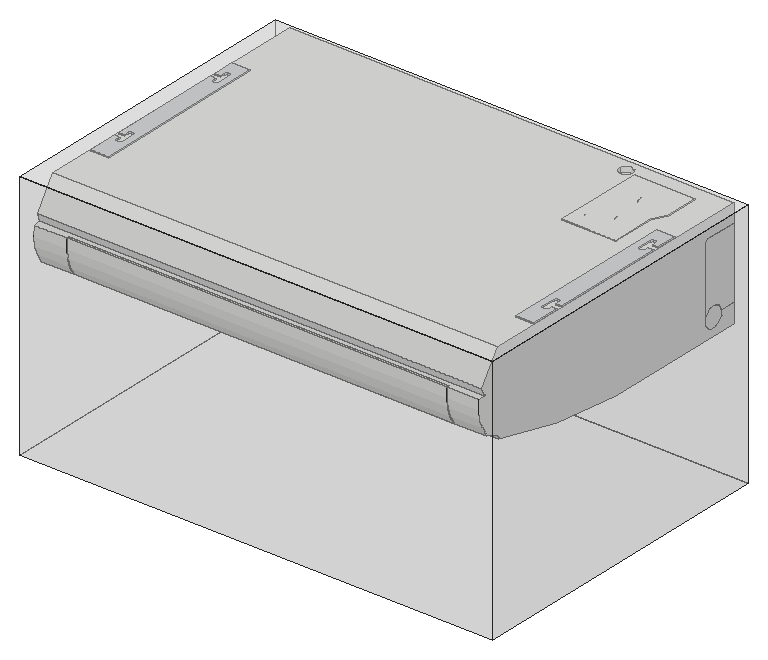
Revit family "outputfile", category 機械設備, Revit 2024
Family settings
  丸型コネクタ寸法 = 半径を使用
  パーツ タイプ = 標準
  OmniClass 番号 = 23.75.10.24.21.27.27
  OmniClass タイトル = Split System Air Conditioning Units
  作業面ベース = いいえ
  常に垂直 = はい
  ロード時にボイドで切り取り = いいえ
  注釈の向きを維持 = いいえ
  共有 = いいえ
  部屋計算ポイント = はい
Parameters (values of type "FHA50BAVMA")
  Description = ""
  製造元 = "Daikin"
  書き出し IFC クラス(タイプ) = "IfcUnitaryEquipmentType"
  定義済み IFC タイプ(タイプ) = "AIRCONDITIONINGUNIT"
  Cost = 0
  モデル = "FHA50BAVMA"
  Type Comments = ""
  Keynote = ""
  Type Image = (empty or 0)
  Assembly Code = ""
  switch_frequency = yes
  r_Liquid Pipe Size = Liquid Pipe Size / 2  # 3.2 mm
  r_Gas Pipe Size = Gas Pipe Size / 2  # 6.35 mm
  r_Drain Pipe Size = Drain Pipe Size / 2  # 10.0 mm
  l_powersupply [instance] = if(Rear Right Connection_powersupply, 29.0 mm, 175.0 mm)  # 29.0 mm
  h_mountinghole = 2.0 mm  # constant formula
  connector_voltage = Voltage_50Hz  # 230 V
  connector_powerinput = [Power Input (Cooling)]  # 1.420 kW
  connector_phase = Phase_50Hz  # 1
  angle_vertical_powersupply [instance] = if(Rear Right Connection_powersupply, 90.00°, 180.00°)  # 90.00°
  angle_vertical_drainpipe [instance] = if(or(Left Connection_drainpipe, Right Connection_drainpipe), 90.00°, if(Top Connection_drainpipe, 180.00°, -90.00°))  # -90.00°
  angle_horizontal_powersupply [instance] = if(Rear Right Connection_powersupply, 180.00°, 0.00°)  # 180.00°
  angle_horizontal_drainpipe [instance] = if(Right Connection_drainpipe, 90.00°, if(Left Connection_drainpipe, -90.00°, 0.00°))  # 0.00°
  Voltage_comment_60Hz = "220-230"
  Voltage_comment_50Hz = "220 - 240"
  Voltage_60Hz = 220 V
  Voltage_50Hz = 230 V
  URL = ""
  Total Heating Capacity [instance] = 0.000 kW
  Top Connection_refrigerant [instance] = no
  Top Connection_powersupply [instance] = not(Rear Right Connection_powersupply)  # no
  Right Connection_refrigerant [instance] = no
  Rear Right Connection_refrigerant [instance] = yes
  Power Input (Heating) = 1.660 kW
  Phase_60Hz = 1
  Phase_50Hz = 1
  Nominal Heating Capacity = 6.000 kW
  Minimum Circuit Amps_60Hz = 0.0 A
  Minimum Circuit Amps_50Hz = 0.0 A
  Maximum Fuse Amps_60Hz = 0.0 A
  Maximum Fuse Amps_50Hz = 0.0 A
  Material_Casing = DAIKIN_White_Casing_indoorunit
  lw_powersupply [instance] = if(Rear Right Connection_powersupply, 220.0 mm, 210.0 mm)  # 220.0 mm
  lw_mountinghole_pitch = Width - 40.0 mm  # 920.0 mm
  lw_mountinghole = 20.0 mm  # constant formula
  lw_liquidpipe [instance] = if(Right Connection_refrigerant, 156.0 mm, if(Top Connection_refrigerant, 156.0 mm, 136.0 mm))  # 136.0 mm
  lw_gaspipe = 105.0 mm  # constant formula
  lw_drainpipe [instance] = if(Top Connection_drainpipe, 102.0 mm, if(Width = 960.0 mm, if(or(Left Connection_drainpipe, Rear Left Connection_drainpipe), 884.0 mm, 83.0 mm), if(Width = 1270.0 mm, if(or(Left Connection_drainpipe, Rear Left Connection_drainpipe), 1194.0 mm, 83.0 mm), if(Width = 1590.0 mm, if(or(Left Connection_drainpipe, Rear Left Connection_drainpipe), 1514.0 mm, 83.0 mm), 83.0 mm))))  # 83.0 mm
  lh_powersupply = 175.0 mm  # constant formula
  lh_liquidpipe [instance] = if(Rear Right Connection_refrigerant, 160.0 mm, 131.0 mm)  # 160.0 mm
  lh_gaspipe [instance] = if(Rear Right Connection_refrigerant, 150.0 mm, 91.0 mm)  # 150.0 mm
  lh_drainpipe = 197.0 mm  # constant formula
  l_antena = 1.0 mm  # constant formula
  ld_powersupply = 30.0 mm  # constant formula
  ld_mountinghole_pitch = 260.0 mm  # constant formula
  ld_mountinghole = 210.0 mm  # constant formula
  ld_liquidpipe [instance] = if(Right Connection_refrigerant, 57.0 mm, if(Top Connection_refrigerant, 189.0 mm, 221.0 mm))  # 221.0 mm
  ld_gaspipe [instance] = if(Right Connection_refrigerant, 57.0 mm, if(Top Connection_refrigerant, 163.0 mm, 214.0 mm))  # 214.0 mm
  ld_drainpipe [instance] = if(or(Left Connection_drainpipe, Right Connection_drainpipe), 57.0 mm, if(Top Connection_drainpipe, 87.0 mm, 268.0 mm))  # 268.0 mm
  l_liquidpipe_length [instance] = if(Right Connection_refrigerant, 156.0 mm, if(Top Connection_refrigerant, 131.0 mm, 220.0 mm))  # 220.0 mm
  l_gaspipe_length [instance] = if(Right Connection_refrigerant, 105.0 mm, if(Top Connection_refrigerant, 91.0 mm, 213.0 mm))  # 213.0 mm
  l_drainpipe_length [instance] = if(Right Connection_drainpipe, 83.0 mm, if(Top Connection_drainpipe, 197.0 mm, if(Left Connection_drainpipe, 76.0 mm, 267.0 mm)))  # 267.0 mm
  h*** = 0.0 mm  # constant formula
  angle_vertical [instance] = if(Right Connection_refrigerant, 90.00°, if(Top Connection_refrigerant, 180.00°, -90.00°))  # -90.00°
  angle_horizontal [instance] = if(Right Connection_refrigerant, 90.00°, 0.00°)  # 0.00°
  Width = 960.0 mm
  Version = "ver.1.0"
  Unit Type = "Ceiling"
  Unit Mass Weight = 25.00 kg
  Unit Designation [instance] = ""
  Uniclass2015Version = "Products v1.30"
  Uniclass2015Title = "Split coil room air conditioning units"
  Uniclass2015Code = "Pr_70_65_03_86"
  Total Cooling Capacity [instance] = 0.000 kW
  Top Connection_drainpipe [instance] = no
  Sound Pressure Level_M speed (dBA) = 35
  Sound Pressure Level_L speed (dBA) = 32
  Sound Pressure Level_H speed (dBA) = 37
  Series = "SkyAir_Fan Coil Unit"
  Sensible Cooling Capacity [instance] = 0.000 kW
  Rear Right Connection_drainpipe [instance] = yes
  Rear Right Connection_powersupply [instance] = yes
  Right Connection_drainpipe [instance] = no
  Refrigerant Type = "R32"
  Power Input (Cooling) = 1.420 kW
  Option Accessory 3 [instance] = ""
  Option Accessory 2 [instance] = ""
  Option Accessory 1 [instance] = ""
  Nominal Cooling Capacity = 5.000 kW
  Minimum Airflow = 600.00 m³/h
  Median Airflow = 720.00 m³/h
  Maximum Airflow = 800.00 m³/h
  Load Classification = HVAC
  Liquid Pipe Size = 6.4 mm
  Link_Nested Family [instance] = ""
  Rear Left Connection_drainpipe [instance] = no
  Left Connection_drainpipe [instance] = no
  IfcVersion = ""
  IfcExportType = "AIRCONDITIONINGUNIT"
  IfcExportAs = "IfcUnitaryEquipmentType"
  Height = 235.0 mm
  Heating Entering Wet Bulb Temperature [instance] = -273.15 °C
  Heating Entering Dry Bulb Temperature [instance] = -273.15 °C
  Heating Ambient Wet Bulb Temperature [instance] = -273.15 °C
  Heating Ambient Dry Bulb Temperature [instance] = -273.15 °C
  Heat Exchanger Type = "Cross Fin Coil"
  Gas Pipe Size = 12.7 mm
  Frequency_60Hz = 60 Hz
  Frequency_50Hz = 50 Hz
  Fan Type = "Sirocco Fan"
  Fan Drive = "-"
  FCU Tag No. [instance] = ""
  Drain Pipe Size = 20.0 mm
  Design Supply Airflow [instance] = 0.00 m³/h
  Design Outdoor Airflow [instance] = 0.00 m³/h
  Depth = 690.0 mm
  既定の高さ = 0.0 mm
  Cooling Entering Wet Bulb Temperature [instance] = 0.00 °C
  Cooling Entering Dry Bulb Temperature [instance] = 0.00 °C
  Cooling Ambient Wet Bulb Temperature [instance] = 0.00 °C
  Cooling Ambient Dry Bulb Temperature [instance] = 0.00 °C
  Clearance visibility [instance] = yes
  Clearance Top = 5.0 mm
  Clearance Right = 30.0 mm
  Clearance Rear = 0.0 mm
  Clearance Left = 30.0 mm
  Clearance Front = 0.0 mm
  Clearance Bottom = 300.0 mm
Reference planes
  plane 1 "Back": y = 0
  plane 2: z = 0
  plane 3 "Center (Left/Right)": x = 0
  plane 4 "Center (Front/Back)": y = -1
  plane 5 "Front": y = -690
  plane 6 "Left": x = -480
  plane 7 "Right": x = 480
  plane 8 "Top": z = 0
  plane 9 "Bottom": z = -235
  plane 10: y = -690
  plane 11: x = -510
  plane 12: x = 510
  plane 13: z = 5
  plane 14: z = -535
  plane 15: y = 0
  plane 16 "lw_mountinghole": x = -460
  plane 17 "lw_mountinghole2": x = 460
  plane 18 "ld_mountinghole": y = -210
  plane 19 "ld_mountinghole2": y = -470
  plane 20 "lw_gaspipe": x = 375
  plane 21 "ld_gaspipe": y = -214
  plane 22 "lh_gaspipe": z = -150
  plane 23 "lw_liquidpipe": x = 344
  plane 24 "ld_liquidpipe": y = -221
  plane 25 "lh_liquidpipe": z = -160
  plane 26 "ld_drainpipe": y = -268
  plane 27 "lw_drainpipe": x = 397
  plane 28 "lh_drainpipe": z = -197
  plane 29 "lw_powersupply": x = 260
  plane 30 "lh_powersupply": z = -175
  plane 31 "ld_powersupply": y = -30
  plane 32: x = -410.5
  plane 33: x = 410.5
  plane 34: x = -435
  plane 35: x = 435
  plane 36: x = -2
  plane 37: x = 2
Forms (mm)
  Extrusion 1, solid, material "DAIKIN_White_Casing_indoorunit" <- "Material_Casing"
    sketch origin (0, 0, 0) x (0, 1, 0) y (0, 0, 1)
      loop
        line (-639.277, 0) -> (-680.876, -61.699) -> (-675.026, -77.772)
        arc (-675.026, -77.772) -> (-681.815, -78.743) -> (-688.601, -79.732) r 2634.132
        arc (-688.601, -79.732) -> (-687.018, -121.096) -> (-669.159, -158.439) r 102.2
        line (-669.159, -158.439) -> (-639.858, -169.325) -> (-635.895, -178.261)
        arc (-635.895, -178.261) -> (-479.121, -215.759) -> (-319.077, -235) r 1400.997
        line (-319.077, -235) -> (-1, -235) -> (-1, 0) -> (-639.277, 0)
    from -480 to 480
  Extrusion 2, solid, material "DAIKIN_White_Casing_indoorunit" <- "Material_Casing"
    sketch origin (0, 0, 0) x (0, 1, 0) y (0, 0, 1)
      loop
        arc (-688.601, -79.732) -> (-687.018, -121.096) -> (-669.159, -158.439) r 102.2
        line (-669.159, -158.439) -> (-665.589, -154.869)
        arc (-665.589, -154.869) -> (-682.432, -118.783) -> (-683.39, -78.971) r 97.2
        arc (-683.39, -78.971) -> (-685.996, -79.351) -> (-688.601, -79.732) r 2634.132
    from -410.5 to 410.5
  Extrusion 3, void
    sketch origin (0, 0, 0) x (0, 1, 0) y (0, 0, 1)
      loop
        line (-301.098, -235) -> (-21.098, -235) -> (-21.098, -230) -> (-301.098, -230) -> (-301.098, -235)
    from -435 to 435
  Extrusion 4, solid, material "DAIKIN_White_Grille_indoorunit"
    sketch origin (0, 0, 0) x (0, 1, 0) y (0, 0, 1)
      loop
        line (-20.098, -230) -> (-301.098, -230) -> (-301.098, -235) -> (-20.098, -235) -> (-20.098, -230)
    from -435 to -2
  Extrusion 5, solid, material "DAIKIN_White_Casing_indoorunit" <- "Material_Casing"
    sketch origin (0, 0, 0) x (1, 0, 0) y (0, 0, 1)
      loop
        line (287, -63) -> (287, -178) -> (358, -220) -> (421, -220) -> (421, -63) -> (287, -63)
    from 0 to 1
  Extrusion 6, solid, material "DAIKIN_White_Casing_indoorunit" <- "Material_Casing"
    sketch origin (0, 0, 0) x (-1, 0, 0) y (0, -1, 0)
      loop
        line (-292, 35) -> (-292, 230) -> (-408, 230) -> (-408, 135) -> (-423, 105) -> (-423, 35) -> (-292, 35)
    from 0 to 1.9
  Extrusion 7, void
    sketch origin (480, 0, 0) x (0, 1, 0) y (0, 0, 1)
      loop
        arc (-79.5, -197) -> (-55.446, -219.446) -> (-34.715, -193.9) r 22.5
        line (-34.715, -193.9) -> (-1, -193.9) -> (-1, -192.1) -> (-35.04, -192.1)
        arc (-35.04, -192.1) -> (-54.942, -174.594) -> (-77.7, -188.182) r 22.5
        line (-77.7, -188.182) -> (-77.7, -45)
        arc (-77.7, -45) -> (-76.528, -42.172) -> (-73.7, -41) r 4
        line (-73.7, -41) -> (-1, -41) -> (-1, -39.2) -> (-73.7, -39.2)
        arc (-73.7, -39.2) -> (-77.801, -40.899) -> (-79.5, -45) r 5.8
        line (-79.5, -45) -> (-79.5, -197)
      loop
        circle (-57, -197) r 20.7
    from 0 to -10
  Extrusion 8, void
    sketch origin (-1444.026, -1, 1200) x (1, 0, 0) y (0, 0, 1)
      loop
        arc (1030.026, -1375) -> (1019.42, -1379.393) -> (1015.026, -1390) r 15
        line (1015.026, -1390) -> (1015.026, -1400)
        arc (1015.026, -1400) -> (1019.42, -1410.607) -> (1030.026, -1415) r 15
        line (1030.026, -1415) -> (1060.026, -1415)
        arc (1060.026, -1415) -> (1070.633, -1410.607) -> (1075.026, -1400) r 15
        line (1075.026, -1400) -> (1075.026, -1390)
        arc (1075.026, -1390) -> (1070.633, -1379.393) -> (1060.026, -1375) r 15
        line (1060.026, -1375) -> (1030.026, -1375)
    from 0 to 10
  Extrusion 9, void
    sketch origin (-480, 0, 0) x (0, 1, 0) y (0, 0, 1)
      loop
        circle (-57, -197) r 22.5
    from 0 to 10
  Extrusion 10, void
    sketch origin (-1444.026, -1, 1200) x (1, 0, 0) y (0, 0, 1)
      loop
        circle (1821.026, -1375) r 44
    from 0 to 10
  Extrusion 11, void
    sketch origin (0, 0, 0) x (-1, 0, 0) y (0, -1, 0)
      loop
        circle (-378, 87) r 30
    from 0 to -10
  Extrusion 12, void
    sketch origin (0, 0, 0) x (-1, 0, 0) y (0, -1, 0)
      loop
        circle (-375, 163) r 18
    from 0 to -10
  Extrusion 13, void
    sketch origin (0, 0, 0) x (-1, 0, 0) y (0, -1, 0)
      loop
        circle (-324, 189) r 13
    from 0 to -10
  Extrusion 14, void
    sketch origin (-1444.026, -1, 1200) x (1, 0, 0) y (0, 0, 1)
      loop
        circle (1704.026, -1375) r 14.5
    from 0 to 10
  Extrusion 15, void
    sketch origin (0, 0, 0) x (-1, 0, 0) y (0, -1, 0)
      loop
        circle (-270, 30) r 14.5
    from 0 to -10
  Extrusion 16, void
    sketch origin (480, 0, 0) x (0, 1, 0) y (0, 0, 1)
      loop
        arc (-665.589, -154.869) -> (-682.432, -118.783) -> (-683.39, -78.971) r 97.2
        arc (-683.39, -78.971) -> (-685.996, -79.351) -> (-688.601, -79.732) r 2634.132
        arc (-688.601, -79.732) -> (-687.018, -121.096) -> (-669.159, -158.439) r 102.2
        line (-669.159, -158.439) -> (-665.589, -154.869)
    from -69.5 to -890.5
  Extrusion 17, solid, material "DAIKIN_White_Casing_indoorunit" <- "Material_Casing"
    sketch origin (-480, 0, 0) x (0, 1, 0) y (0, 0, 1)
      loop
        circle (-57, -197) r 22.5
    from 0 to 10
  Extrusion 18, solid, material "DAIKIN_White_Grille_indoorunit"
    sketch origin (780, 0, 0) x (0, 1, 0) y (0, 0, 1)
      loop
        line (-20.098, -230) -> (-301.098, -230) -> (-301.098, -235) -> (-20.098, -235) -> (-20.098, -230)
    from -782 to -778
  Extrusion 19, solid, material "DAIKIN_White_Grille_indoorunit"
    sketch origin (0, 0, 0) x (0, 1, 0) y (0, 0, -1)
      loop
        line (-20.098, 230) -> (-20.098, 235) -> (-301.098, 235) -> (-301.098, 230) -> (-20.098, 230)
    from -435 to -2
Cuts and joins
  Extrusion 3, Extrusion 7, Extrusion 8, Extrusion 9, Extrusion 10, Extrusion 11, Extrusion 12, Extrusion 13, Extrusion 14, Extrusion 15, Extrusion 16 cuts Extrusion 1
Lines and regions (mm)
  reference lines
    curve 1: line (480, -580.282, -192.75) -> (480, -551.225, -200.21)
Dimensions and locks
  equal spacing: plane 6 "Left", plane 3 "Center (Left/Right)", plane 7 "Right"
  "Width": plane 6 "Left" to plane 7 "Right"
  "Depth": plane 5 "Front" to plane 1 "Back"
  "Height": plane 8 "Top" to plane 9 "Bottom"
  "Clearance Front": plane 10 to plane 5 "Front"
  "Clearance Left": plane 11 to plane 6 "Left"
  "Clearance Right": plane 7 "Right" to plane 12
  "Clearance Top": plane 13 to plane 8 "Top"
  "Clearance Bottom": plane 9 "Bottom" to plane 14
  "Clearance Rear": plane 1 "Back" to plane 15
  locked: plane 4 "Center (Front/Back)" to plane 1 "Back" at 1
  locked: Extrusion 1 sketch curve to Extrusion 1 sketch curve at 235
  locked: Extrusion 1 sketch curve to Extrusion 1 sketch curve at 318.077
  locked: Extrusion 1 sketch curve to Extrusion 1 sketch curve at 1163.297
  locked: Extrusion 1 sketch curve to Extrusion 1 sketch curve at 231.144
  Extrusion 3 sketch curve to Extrusion 3 sketch curve to plane 1 "Back" = 280.0 mm locked, 21.098 mm locked
  "ld_mountinghole": plane 18 "ld_mountinghole" to plane 1 "Back"
  "ld_mountinghole_pitch": plane 18 "ld_mountinghole" to plane 19 "ld_mountinghole2"
  "lw_mountinghole_pitch": plane 16 "lw_mountinghole" to plane 17 "lw_mountinghole2"
  "lw_mountinghole": plane 6 "Left" to plane 16 "lw_mountinghole"
  "lw_gaspipe": plane 20 "lw_gaspipe" to plane 7 "Right"
  "ld_gaspipe": plane 1 "Back" to plane 21 "ld_gaspipe"
  "lw_liquidpipe": plane 23 "lw_liquidpipe" to plane 7 "Right"
  "ld_liquidpipe": plane 1 "Back" to plane 24 "ld_liquidpipe"
  "lw_drainpipe": plane 27 "lw_drainpipe" to plane 7 "Right"
  "ld_drainpipe": plane 26 "ld_drainpipe" to plane 1 "Back"
  plane 8 "Top" to Extrusion 5 sketch curve to Extrusion 5 sketch curve = 63.0 mm locked, 157.0 mm locked
  plane 7 "Right" to Extrusion 5 sketch curve to Extrusion 5 sketch curve = 59.0 mm locked, 134.0 mm locked
  locked: Extrusion 5 sketch curve to Extrusion 5 sketch curve at 115
  locked: Extrusion 5 sketch curve to Extrusion 5 sketch curve at 63
  locked: Extrusion 6 sketch curve to Extrusion 6 sketch curve at 195
  locked: Extrusion 6 sketch curve to Extrusion 6 sketch curve at 116
  locked: Extrusion 6 sketch curve to Extrusion 6 sketch curve at 131
  locked: Extrusion 6 sketch curve to Extrusion 6 sketch curve at 100
  locked: Extrusion 6 sketch curve to plane 1 "Back" at 35
  locked: Extrusion 6 sketch curve to plane 7 "Right" at 57
  locked: Extrusion 8 sketch curve to Extrusion 8 sketch curve at 40
  locked: Extrusion 8 sketch curve to Extrusion 8 sketch curve at 60
  locked: plane 8 "Top" to Extrusion 8 sketch curve at 175
  locked: Extrusion 8 sketch curve to plane 6 "Left" at 51
  locked: plane 7 "Right" to Extrusion 10 sketch curve at 103
  locked: plane 8 "Top" to Extrusion 10 sketch curve at 175
  locked: Extrusion 11 sketch curve to plane 1 "Back" at 87
  locked: Extrusion 11 sketch curve to plane 7 "Right" at 102
  locked: Extrusion 12 sketch curve to plane 1 "Back" at 163
  locked: Extrusion 12 sketch curve to plane 7 "Right" at 105
  locked: Extrusion 13 sketch curve to plane 1 "Back" at 189
  locked: Extrusion 13 sketch curve to plane 7 "Right" at 156
  "lw_powersupply": plane 29 "lw_powersupply" to plane 7 "Right"
  "lh_gaspipe": plane 8 "Top" to plane 22 "lh_gaspipe"
  "lh_liquidpipe": plane 8 "Top" to plane 25 "lh_liquidpipe"
  "lh_powersupply": plane 8 "Top" to plane 30 "lh_powersupply"
  "lh_drainpipe": plane 8 "Top" to plane 28 "lh_drainpipe"
  "ld_powersupply": plane 1 "Back" to plane 31 "ld_powersupply"
  locked: plane 8 "Top" to Extrusion 7 sketch curve at 197
  locked: Extrusion 7 sketch curve to plane 1 "Back" at 57
  plane 9 "Bottom" to Extrusion 7 sketch curve = 41.1 mm
  locked: Extrusion 7 sketch curve to plane 8 "Top" at 41
  locked: Extrusion 7 sketch curve to plane 1 "Back" at 79.5
  locked: Extrusion 9 sketch curve to plane 1 "Back" at 57
  locked: plane 8 "Top" to Extrusion 9 sketch curve at 197
  locked: Extrusion 17 sketch curve to plane 1 "Back" at 57
  locked: plane 8 "Top" to Extrusion 17 sketch curve at 197
  locked: plane 7 "Right" to Extrusion 14 sketch curve at 220
  locked: plane 8 "Top" to Extrusion 14 sketch curve at 175
  locked: Extrusion 15 sketch curve to plane 7 "Right" at 210
  locked: Extrusion 15 sketch curve to plane 1 "Back" at 30
  locked: curve 1 to plane 9 "Bottom" at 34.79
  locked: curve 1 to plane 9 "Bottom" at 42.25
  locked: plane 6 "Left" to plane 32 at 69.5
  locked: plane 33 to plane 7 "Right" at 69.5
  locked: plane 35 to plane 7 "Right" at 45
  locked: plane 6 "Left" to plane 34 at 45
  plane 36 to plane 3 "Center (Left/Right)" to plane 37 = 2.0 mm locked, 2.0 mm locked
  locked: curve 1 to plane 9 "Bottom" (angle 14.40°)
  aligned and locked: level to plane 2
  aligned and locked: nested 1 to plane 11
  aligned and locked: nested 1 to plane 12
  aligned and locked: nested 1 to plane 10
  aligned and locked: plane 13 to nested 1
  aligned and locked: plane 14 to nested 1
  aligned and locked: plane 15 to nested 1
  aligned and locked: Extrusion 1 sketch curve to plane 8 "Top"
  aligned and locked: Extrusion 2 sketch curve to Extrusion 1  (x2)
  aligned and locked: plane 7 "Right" to Extrusion 1
  aligned and locked: Extrusion 1 to plane 6 "Left"
  aligned and locked: cut or joined group 1 (Extrusion 1, Extrusion 3, Extrusion 7, Extrusion 8, Extrusion 9, Extrusion 10, Extrusion 11, Extrusion 12, Extrusion 13, Extrusion 14, Extrusion 15, Extrusion 16) to Extrusion 3 sketch curve
  aligned and locked: cut or joined group 1 to Extrusion 4 sketch curve
  aligned and locked: Extrusion 5 to plane 4 "Center (Front/Back)"
  aligned and locked: Extrusion 7 sketch curve to plane 4 "Center (Front/Back)"
  aligned and locked: Extrusion 16 sketch curve to Extrusion 2  (x4)
  aligned and locked: Extrusion 16 to Extrusion 2  (x2)
  aligned and locked: nested 2 to plane 26 "ld_drainpipe"
  aligned and locked: plane 27 "lw_drainpipe" to nested 2
  aligned and locked: plane 20 "lw_gaspipe" to nested 3
  aligned and locked: nested 3 to plane 21 "ld_gaspipe"
  aligned and locked: plane 23 "lw_liquidpipe" to nested 4
  aligned and locked: nested 4 to plane 24 "ld_liquidpipe"
  aligned and locked: plane 25 "lh_liquidpipe" to nested 4
  aligned and locked: nested 5 to plane 31 "ld_powersupply"
  aligned and locked: plane 29 "lw_powersupply" to nested 5
  aligned and locked: nested 7 to plane 18 "ld_mountinghole"
  aligned and locked: plane 16 "lw_mountinghole" to nested 7
  aligned and locked: nested 6 to plane 19 "ld_mountinghole2"
  aligned and locked: plane 16 "lw_mountinghole" to nested 6
  aligned and locked: nested 9 to plane 18 "ld_mountinghole"
  aligned and locked: plane 17 "lw_mountinghole2" to nested 9
  aligned and locked: plane 17 "lw_mountinghole2" to nested 8
  aligned and locked: nested 8 to plane 19 "ld_mountinghole2"
  aligned and locked: nested 10 to curve 1
  aligned and locked: level to plane 8 "Top"
  aligned and locked: cut or joined group 1 to plane 32
  aligned and locked: plane 33 to cut or joined group 1
  aligned and locked: Extrusion 16 to plane 32
  aligned and locked: plane 33 to Extrusion 16
  aligned and locked: Extrusion 4 to plane 34
  aligned and locked: cut or joined group 1 to plane 34
  aligned and locked: plane 34 to Extrusion 4  (x3)
  aligned and locked: plane 16 "lw_mountinghole" to nested 11
  aligned and locked: plane 17 "lw_mountinghole2" to nested 12
  aligned and locked: plane 36 to Extrusion 4
  aligned and locked: Extrusion 18 to plane 36
  aligned and locked: plane 37 to Extrusion 18
  aligned and locked: Extrusion 19 to plane 37
  aligned and locked: plane 37 to Extrusion 19
  aligned and locked: plane 35 to Extrusion 19
  aligned and locked: plane 35 to Extrusion 3
  aligned and locked: Extrusion 4 to cut or joined group 1
  aligned and locked: cut or joined group 1 to Extrusion 18
  aligned and locked: cut or joined group 1 to Extrusion 19
Automatic sketch dimensions
  Extrusion 1 sketch curve to plane 4 "Center (Front/Back)" = 0.0 mm
  Extrusion 1 sketch curve to plane 5 "Front" = 102.2 mm
  Extrusion 1 sketch curve to plane 30 "lh_powersupply" = 3.261 mm
  Extrusion 1 sketch curve to plane 5 "Front" = 50.723 mm
  plane 30 "lh_powersupply" to Extrusion 1 sketch curve = 5.675 mm
  Extrusion 1 sketch curve to Extrusion 1 sketch curve = 3.963 mm
  plane 25 "lh_liquidpipe" to Extrusion 1 sketch curve = 1.561 mm
  Extrusion 1 sketch curve to plane 5 "Front" = 20.841 mm
  Extrusion 1 sketch curve to plane 5 "Front" = 14.974 mm
  Extrusion 1 sketch curve to plane 5 "Front" = 9.124 mm
  Extrusion 1 sketch curve to plane 26 "ld_drainpipe" = 37.278 mm
  Extrusion 1 sketch curve to plane 14 = 2150.825 mm
  plane 22 "lh_gaspipe" to Extrusion 1 sketch curve = 53.413 mm
  Extrusion 1 sketch curve to level = 77.772 mm
  Extrusion 1 sketch curve to Extrusion 1 sketch curve = 16.072 mm
  Extrusion 2 sketch curve to Extrusion 2 sketch curve = 0.0 mm  (x2)
  plane 25 "lh_liquidpipe" to Extrusion 2 sketch curve = 1.561 mm
  Extrusion 2 sketch curve to plane 22 "lh_gaspipe" = 4.869 mm
  Extrusion 2 sketch curve to Extrusion 2 sketch curve = 3.57 mm
  Extrusion 3 sketch curve to Extrusion 3 sketch curve = 5.0 mm
  plane 31 "ld_powersupply" to Extrusion 4 sketch curve = 9.902 mm
  Extrusion 4 sketch curve to Extrusion 4 sketch curve = 5.0 mm
  Extrusion 6 sketch curve to Extrusion 6 sketch curve = 30.0 mm
  Extrusion 7 sketch curve to Extrusion 7 sketch curve = 0.0 mm  (x6)
  Extrusion 7 sketch curve to plane 4 "Center (Front/Back)" = 0.0 mm
  Extrusion 7 sketch curve to Extrusion 7 sketch curve = 1.8 mm  (x2)
  Extrusion 7 sketch curve to Extrusion 7 sketch curve = 4.0 mm
  Extrusion 7 sketch curve to Extrusion 7 sketch curve = 0.325 mm
  Extrusion 8 sketch curve to plane 32 = 3.5 mm  (x2)
  Extrusion 8 sketch curve to plane 28 "lh_drainpipe" = 3.0 mm
  Extrusion 8 sketch curve to Extrusion 8 sketch curve = 15.0 mm
  curve 1 to plane 5 "Front" = 109.718 mm
  Extrusion 18 sketch curve to plane 9 "Bottom" = 0.0 mm
  plane 9 "Bottom" to Extrusion 18 sketch curve = 5.0 mm
  Extrusion 18 sketch curve to plane 26 "ld_drainpipe" = 33.098 mm
  plane 31 "ld_powersupply" to Extrusion 18 sketch curve = 9.902 mm
  Extrusion 19 sketch curve to plane 9 "Bottom" = 0.0 mm
  plane 9 "Bottom" to Extrusion 19 sketch curve = 5.0 mm
  Extrusion 19 sketch curve to plane 26 "ld_drainpipe" = 33.098 mm
  plane 31 "ld_powersupply" to Extrusion 19 sketch curve = 9.902 mm
  Extrusion 4 sketch curve to plane 26 "ld_drainpipe" = 33.098 mm
  radius of Extrusion 7 sketch curve = 20.7 mm
  radius of Extrusion 9 sketch curve = 22.5 mm
  radius of Extrusion 10 sketch curve = 44.0 mm
  radius of Extrusion 11 sketch curve = 30.0 mm
  radius of Extrusion 12 sketch curve = 18.0 mm
  radius of Extrusion 13 sketch curve = 13.0 mm
  radius of Extrusion 14 sketch curve = 14.5 mm
  radius of Extrusion 15 sketch curve = 14.5 mm
  radius of Extrusion 17 sketch curve = 22.5 mm
Nested families
  nested 1: "daikin_clearancespace" at (0, -345, -264.881), visible <- "Clearance visibility", show <- "Clearance visibility", Link_Nested Family <- "Link_Nested Family", type "daikin_clearancespace"
    with width 1020.0 mm, show yes, height 540.0 mm, depth 690.0 mm, Link_Nested Family ""
  nested 2: "daikin_connector_rotate3" at (397, -268, -197), radius <- "r_Drain Pipe Size", angle_vertical <- "angle_vertical_drainpipe", angle_horizontal <- "angle_horizontal_drainpipe", length <- "l_drainpipe_length", type "daikin_connector_rotate3"
    with show no, radius 10.0 mm, length 267.0 mm, angle_vertical -90.00°, angle_horizontal 0.00°
  nested 3: "daikin_connector_rotate3" at (375, -214, -150), radius <- "r_Gas Pipe Size", angle_vertical <- "angle_vertical", angle_horizontal <- "angle_horizontal", length <- "l_gaspipe_length", type "daikin_connector_rotate3"
    with show no, radius 6.35 mm, length 213.0 mm, angle_vertical -90.00°, angle_horizontal 0.00°
  nested 4: "daikin_connector_rotate3" at (344, -221, -160), radius <- "r_Liquid Pipe Size", angle_vertical <- "angle_vertical", angle_horizontal <- "angle_horizontal", length <- "l_liquidpipe_length", type "daikin_connector_rotate3"
    with show no, radius 3.2 mm, length 220.0 mm, angle_vertical -90.00°, angle_horizontal 0.00°
  nested 5: "daikin_connector_rotate3" at (260, -30, -175), length <- "l_powersupply", angle_vertical <- "angle_vertical_powersupply", angle_horizontal <- "angle_horizontal_powersupply", type "daikin_connector_rotate3"
    with show no, radius 10.0 mm, length 29.0 mm, angle_vertical 90.00°, angle_horizontal 180.00°
  nested 6: "daikin_mountinghole" at (-460, -470, 0), l_antenna <- "l_antena", Link_Nested Family <- "Link_Nested Family", h_mountinghole <- "h_mountinghole", type "daikin_mountinghole"
    with show yes, l_antenna 1.0 mm, h_mountinghole 2.0 mm, Link_Nested Family ""
  nested 7: "daikin_mountinghole" at (-460, -210, 0), l_antenna <- "l_antena", Link_Nested Family <- "Link_Nested Family", h_mountinghole <- "h_mountinghole", type "daikin_mountinghole"
    with show yes, l_antenna 1.0 mm, h_mountinghole 2.0 mm, Link_Nested Family ""
  nested 8: "daikin_mountinghole" at (460, -470, 0), l_antenna <- "l_antena", Link_Nested Family <- "Link_Nested Family", h_mountinghole <- "h_mountinghole", type "daikin_mountinghole"
    with show yes, l_antenna 1.0 mm, h_mountinghole 2.0 mm, Link_Nested Family ""
  nested 9: "daikin_mountinghole" at (460, -210, 0), Link_Nested Family <- "Link_Nested Family", l_antenna <- "l_antena", h_mountinghole <- "h_mountinghole", type "daikin_mountinghole"
    with show yes, l_antenna 1.0 mm, h_mountinghole 2.0 mm, Link_Nested Family ""
  nested 10: "daikin_logo_plane_w40" at (332.963, -559.801, -198.008) x (1, 0, 0) z (0, -0.2487, -0.9686), type "daikin_logo_plane_w40"
    with show_logo yes
  nested 11: "daikin_hangerfixture_FHA-BAVMA" at (-460, 0, 0), type "daikin_hangerfixture_FHA-BAVMA"
    with width 38.0 mm, height 2.0 mm, depth 380.0 mm
  nested 12: "daikin_hangerfixture_FHA-BAVMA" at (460, 0, 0) x (-1, 0, 0) z (0, 0, 1), type "daikin_hangerfixture_FHA-BAVMA"
    with width 38.0 mm, height 2.0 mm, depth 380.0 mm
Connectors
  piping at (397, -1, -197), diameter 20, driven by "r_Drain Pipe Size"
    settings: on nested 2, index 1, connector inside diameter 609.6 mm, connector length 0.0 mm, flow factor 0, pipe flow 0.00 m³/h, pressure drop 0.0 Pa, fitting loss kfactor 0, connector angle 0.00°, fixture units 0, engagement length 0.0 mm, angle of deflection 0.00°, flow configuration 1, flow direction 2, fitting loss method 4, system type 16, joint type 0, gender type 0, connector reference index -1, connector utility 0, adjustable connector no, is connector primary yes, connector description "Condensate Drain Piping"
  piping at (375, -1, -150), diameter 12.7, driven by "r_Gas Pipe Size"
    settings: on nested 3, index 3, connector inside diameter 609.6 mm, connector length 0.0 mm, flow factor 0, pipe flow 0.00 m³/h, pressure drop 0.0 Pa, fitting loss kfactor 0, connector angle 0.00°, fixture units 0, engagement length 0.0 mm, angle of deflection 0.00°, flow configuration 1, flow direction 2, fitting loss method 0, system type 29, joint type 0, gender type 0, connector reference index -1, connector utility 0, adjustable connector no, is connector primary no, connector description "Refrigerant Gas Piping"
  piping at (344, -1, -160), diameter 6.4, driven by "r_Liquid Pipe Size"
    settings: on nested 4, index 4, connector inside diameter 609.6 mm, connector length 0.0 mm, flow factor 0, pipe flow 0.00 m³/h, pressure drop 0.0 Pa, fitting loss kfactor 0, connector angle 0.00°, fixture units 0, engagement length 0.0 mm, angle of deflection 0.00°, flow configuration 1, flow direction 1, fitting loss method 0, system type 29, joint type 0, gender type 0, connector reference index -1, connector utility 0, adjustable connector no, is connector primary no, connector description "Refrigerant Liquid Piping"
  electrical at (260, -1, -175), driven by "Load Classification", driven by "connector_powerinput", driven by "connector_phase", driven by "connector_voltage"
    settings: on nested 5, index 6, voltage 230 V, apparent load 1420 VA, apparent load phase1 0 VA, apparent load phase2 0 VA, apparent load phase3 0 VA, power factor 1, load classification "HVAC", number of poles 1, system type 30, power factor state 1, is connector primary yes, connector utility no, sub classification motor no, connector description "Power Supply"
Definition of nested family "daikin_clearancespace"
  Parameters (values of type "daikin_clearancespace")
    Description = "daikin_clearancespace"
    width [instance] = 1823.963 mm
    show [instance] = yes
    material = none
    height [instance] = 1359.762 mm
    depth [instance] = 880.0 mm
    Default Elevation = 0.0 mm
    Link_Nested Family [instance] = ""
  Reference planes
    plane 1 "Center (Front/Back)": y = 0
    plane 2 "Center (Elevation)": z = -0.119
    plane 3 "Center (Left/Right)": x = 0
    plane 4: y = 440
    plane 5: y = -440
    plane 6 "Right": x = 911.982
    plane 7 "Left": x = -911.982
    plane 8 "Top": z = 679.762
    plane 9 "Bottom": z = -680
  Forms (mm)
    Extrusion 1, solid, material <- "material", visible <- "show"
      sketch origin (0, 0, 0) x (1, 0, 0) y (0, 1, 0)
        loop
          line (-911.982, 440) -> (-911.982, -440) -> (911.982, -440) -> (911.982, 440) -> (-911.982, 440)
      from -680 to 679.762
  Lines and regions (mm)
    symbolic lines, visible <- "show"
      curve 1: line (911.982, 440, 0) -> (-911.982, 440, 0)
      curve 2: line (-911.982, 440, 0) -> (-911.982, -440, 0)
      curve 3: line (-911.982, -440, 0) -> (911.982, -440, 0)
      curve 4: line (911.982, -440, 0) -> (911.982, 440, 0)
      curve 5: line (911.982, 0, 679.762) -> (-911.982, 0, 679.762)
      curve 6: line (911.982, 0, -680) -> (911.982, 0, 679.762)
      curve 7: line (-911.982, 0, -680) -> (911.982, 0, -680)
      curve 8: line (-911.982, 0, 679.762) -> (-911.982, 0, -680)
      curve 9: line (0, 440, 679.762) -> (0, -440, 679.762)
      curve 10: line (0, -440, 679.762) -> (0, -440, -680)
      curve 11: line (0, 440, -680) -> (0, 440, 679.762)
      curve 12: line (0, -440, -680) -> (0, 440, -680)
  Dimensions and locks
    "width": plane 7 "Left" to plane 6 "Right"
    "depth": plane 4 to plane 5
    "height": plane 8 "Top" to plane 9 "Bottom"
    equal spacing: plane 7 "Left", plane 3 "Center (Left/Right)", plane 6 "Right"
    equal spacing: plane 4, plane 1 "Center (Front/Back)", plane 5
    equal spacing: plane 8 "Top", plane 2 "Center (Elevation)", plane 9 "Bottom"
    aligned and locked: level to plane 2 "Center (Elevation)"
    aligned and locked: Extrusion 1 sketch curve to plane 4
    aligned and locked: plane 7 "Left" to Extrusion 1 sketch curve
    aligned and locked: Extrusion 1 sketch curve to plane 5
    aligned and locked: Extrusion 1 sketch curve to plane 6 "Right"
    aligned and locked: plane 8 "Top" to Extrusion 1
    aligned and locked: curve 1 to Extrusion 1
    aligned and locked: curve 2 to Extrusion 1
    aligned and locked: curve 3 to Extrusion 1
    aligned and locked: curve 4 to Extrusion 1
    aligned and locked: curve 5 to Extrusion 1
    aligned and locked: curve 6 to Extrusion 1
    aligned and locked: curve 7 to Extrusion 1
    aligned and locked: curve 8 to Extrusion 1
    aligned and locked: curve 9 to Extrusion 1
    aligned and locked: curve 10 to Extrusion 1
    aligned and locked: curve 11 to Extrusion 1
    aligned and locked: curve 12 to Extrusion 1
    aligned and locked: Extrusion 1 to plane 9 "Bottom"
Definition of nested family "daikin_logo_plane_w40"
  Parameters (values of type "daikin_logo_plane_w40")
    width = 40.0 mm
    show_logo [instance] = yes
    material = none
    height = 0.0 mm
    depth = 0.0 mm
    Default Elevation = 1219.2 mm
  Reference planes
    plane 1 "Center (Front/Back)": y = 0
    plane 2: z = 0
    plane 3 "Center (Left/Right)": x = 0
    plane 4: z = 2
    plane 5 "left": x = -19
    plane 6: x = 19
  Forms (mm)
    Extrusion 1, solid, visible <- "show_logo"
      sketch origin (-19, 0, 0) x (1, 0, 0) y (0, 1, 0)
        loop
          line (8.902, -1.878) -> (7.789, -6.332) -> (11.13, -6.332)
          arc (11.13, -6.332) -> (12.454, -6.064) -> (13.472, -5.176) r 2.642
          arc (13.472, -5.176) -> (13.92, -4.02) -> (13.767, -2.79) r 2.537
          arc (13.767, -2.79) -> (13.452, -2.342) -> (12.982, -2.06) r 1.321
          arc (12.982, -2.06) -> (12.063, -1.902) -> (11.13, -1.878) r 6.479
          line (11.13, -1.878) -> (8.902, -1.878)
        loop
          line (10.016, -5.441) -> (10.907, -5.441)
          arc (10.907, -5.441) -> (11.591, -4.983) -> (11.988, -4.261) r 1.742
          spline (11.988, -4.261) -> (12.01, -4.155) -> (12.027, -4.03) -> (12.037, -3.893) -> (12.037, -3.747) -> (12.026, -3.598) -> (12.002, -3.451) -> (11.962, -3.31) -> (11.905, -3.181) -> (11.829, -3.069) -> (11.731, -2.978) -> (11.61, -2.913) -> (11.464, -2.88)
          line (11.464, -2.88) -> (10.573, -2.88) -> (10.016, -5.441)
        loop
          line (13.58, -6.332) -> (14.805, -6.332) -> (15.223, -5.553) -> (16.977, -5.553) -> (17.144, -6.332) -> (19.149, -6.332) -> (18.258, -1.878) -> (16.03, -1.878) -> (13.58, -6.332)
        loop
          line (16.476, -3.214) -> (15.76, -4.551) -> (16.762, -4.551) -> (16.476, -3.214)
        loop
          line (19.705, -6.332) -> (21.599, -6.332) -> (22.712, -1.878) -> (20.819, -1.878) -> (19.705, -6.332)
        loop
          line (22.712, -6.332) -> (24.606, -6.332) -> (24.908, -5.122) -> (25.831, -6.332) -> (28.17, -6.332) -> (26.388, -3.994) -> (28.949, -1.878) -> (26.945, -1.878) -> (25.401, -3.153) -> (25.719, -1.878) -> (23.826, -1.878) -> (22.712, -6.332)
        loop
          line (29.84, -1.878) -> (28.615, -6.332) -> (30.62, -6.332) -> (31.734, -1.878) -> (29.84, -1.878)
        loop
          line (31.734, -6.332) -> (33.07, -6.332) -> (33.7, -3.814) -> (34.518, -6.332) -> (36.745, -6.332) -> (37.859, -1.878) -> (36.523, -1.878) -> (35.845, -4.589) -> (34.963, -1.878) -> (32.847, -1.878) -> (31.734, -6.332)
      from 0 to 2
    Extrusion 2, solid, visible <- "show_logo"
      sketch origin (-19, 0, 0) x (1, 0, 0) y (0, 1, 0)
        loop
          line (8.7, 0) -> (4.235, 0) -> (0, -3.879) -> (0, -8) -> (8.7, 0)
      from 0 to 2
    Extrusion 3, solid, visible <- "show_logo"
      sketch origin (-19, 0, 0) x (1, 0, 0) y (0, 1, 0)
        loop
          line (0, 0) -> (0, -3.879) -> (4.235, 0) -> (0, 0)
      from 0 to 2
  Dimensions and locks
    plane 4 to plane 2 = 2.0 mm
    equal spacing: plane 5 "left", plane 3 "Center (Left/Right)", plane 6
    locked: plane 5 "left" to plane 6 at 38
    aligned and locked: level to plane 2
    aligned and locked: Extrusion 3 to plane 1 "Center (Front/Back)"  (x2)
    aligned and locked: Extrusion 2 to plane 1 "Center (Front/Back)"  (x2)
    aligned and locked: plane 4 to Extrusion 1
    aligned and locked: plane 4 to Extrusion 3
    aligned and locked: plane 4 to Extrusion 2
    aligned and locked: Extrusion 3 to plane 5 "left"
    aligned and locked: Extrusion 2 to plane 5 "left"
  Automatic sketch dimensions
    Extrusion 1 sketch curve to Extrusion 1 sketch curve = 0.901 mm
    Extrusion 1 sketch curve to Extrusion 1 sketch curve = 1.559 mm
    Extrusion 1 sketch curve to Extrusion 1 sketch curve = 1.327 mm
    Extrusion 1 sketch curve to Extrusion 1 sketch curve = 2.145 mm
    Extrusion 1 sketch curve to Extrusion 1 sketch curve = 1.448 mm
    Extrusion 1 sketch curve to Extrusion 1 sketch curve = 2.116 mm
    Extrusion 1 sketch curve to Extrusion 1 sketch curve = 1.114 mm  (x4)
    Extrusion 1 sketch curve to Extrusion 1 sketch curve = 1.336 mm  (x2)
    plane 1 "Center (Front/Back)" to Extrusion 1 sketch curve = 1.878 mm  (x5)
    Extrusion 1 sketch curve to Extrusion 1 sketch curve = 1.893 mm  (x5)
    Extrusion 1 sketch curve to Extrusion 1 sketch curve = 0.891 mm  (x4)
    Extrusion 1 sketch curve to Extrusion 1 sketch curve = 2.005 mm  (x3)
    Extrusion 1 sketch curve to Extrusion 1 sketch curve = 0.445 mm  (x2)
    plane 1 "Center (Front/Back)" to Extrusion 1 sketch curve = 3.994 mm
    Extrusion 1 sketch curve to Extrusion 1 sketch curve = 0.557 mm  (x2)
    Extrusion 1 sketch curve to Extrusion 1 sketch curve = 2.339 mm  (x2)
    Extrusion 1 sketch curve to Extrusion 1 sketch curve = 1.225 mm  (x3)
    plane 1 "Center (Front/Back)" to Extrusion 1 sketch curve = 3.153 mm
    Extrusion 1 sketch curve to Extrusion 1 sketch curve = 0.987 mm
    plane 1 "Center (Front/Back)" to Extrusion 1 sketch curve = 5.122 mm
    Extrusion 1 sketch curve to Extrusion 1 sketch curve = 0.922 mm
    plane 1 "Center (Front/Back)" to Extrusion 1 sketch curve = 6.332 mm
    Extrusion 1 sketch curve to Extrusion 1 sketch curve = 2.562 mm
    plane 1 "Center (Front/Back)" to Extrusion 1 sketch curve = 5.553 mm
    Extrusion 1 sketch curve to Extrusion 1 sketch curve = 0.167 mm
    Extrusion 1 sketch curve to Extrusion 1 sketch curve = 0.215 mm
    plane 1 "Center (Front/Back)" to Extrusion 1 sketch curve = 3.214 mm
    Extrusion 1 sketch curve to Extrusion 1 sketch curve = 0.286 mm
    plane 1 "Center (Front/Back)" to Extrusion 1 sketch curve = 4.551 mm
    Extrusion 1 sketch curve to Extrusion 1 sketch curve = 1.002 mm
    Extrusion 1 sketch curve to Extrusion 1 sketch curve = 0.537 mm
    Extrusion 1 sketch curve to Extrusion 1 sketch curve = 0.418 mm
    Extrusion 1 sketch curve to Extrusion 1 sketch curve = 1.028 mm
    plane 1 "Center (Front/Back)" to Extrusion 1 sketch curve = 4.261 mm
    Extrusion 1 sketch curve to Extrusion 1 sketch curve = 0.563 mm
    plane 1 "Center (Front/Back)" to Extrusion 1 sketch curve = 2.88 mm
    Extrusion 1 sketch curve to Extrusion 1 sketch curve = 1.088 mm
    Extrusion 1 sketch curve to Extrusion 1 sketch curve = 2.152 mm
    Extrusion 1 sketch curve to Extrusion 1 sketch curve = 0.586 mm
    Extrusion 1 sketch curve to Extrusion 1 sketch curve = 0.118 mm
    Extrusion 1 sketch curve to Extrusion 1 sketch curve = 0.298 mm
    Extrusion 1 sketch curve to Extrusion 1 sketch curve = 0.334 mm
    Extrusion 1 sketch curve to Extrusion 1 sketch curve = 0.223 mm
    Extrusion 1 sketch curve to Extrusion 1 sketch curve = 0.266 mm
    Extrusion 1 sketch curve to Extrusion 1 sketch curve = 1.671 mm
    Extrusion 1 sketch curve to Extrusion 1 sketch curve = 2.227 mm
    Extrusion 1 sketch curve to Extrusion 1 sketch curve = 0.0 mm  (x7)
    Extrusion 1 sketch curve to Extrusion 1 sketch curve = 3.453 mm
    Extrusion 1 sketch curve to Extrusion 1 sketch curve = 2.017 mm
    Extrusion 1 sketch curve to Extrusion 1 sketch curve = 0.78 mm  (x2)
    Extrusion 1 sketch curve to Extrusion 1 sketch curve = 1.743 mm
    Extrusion 1 sketch curve to Extrusion 1 sketch curve = 0.775 mm
    Extrusion 1 sketch curve to Extrusion 1 sketch curve = 0.552 mm
    Extrusion 1 sketch curve to Extrusion 1 sketch curve = 0.014 mm
    Extrusion 1 sketch curve to Extrusion 1 sketch curve = 0.952 mm
    Extrusion 1 sketch curve to Extrusion 1 sketch curve = 1.215 mm
    Extrusion 1 sketch curve to Extrusion 1 sketch curve = 0.108 mm
    plane 1 "Center (Front/Back)" to Extrusion 2 sketch curve = 0.0 mm
    Extrusion 2 sketch curve to plane 3 "Center (Left/Right)" = 19.0 mm
    Extrusion 2 sketch curve to plane 3 "Center (Left/Right)" = 14.765 mm
    Extrusion 2 sketch curve to Extrusion 2 sketch curve = 4.465 mm
    plane 1 "Center (Front/Back)" to Extrusion 2 sketch curve = 3.879 mm
    Extrusion 2 sketch curve to Extrusion 2 sketch curve = 4.12 mm
    plane 1 "Center (Front/Back)" to Extrusion 3 sketch curve = 0.0 mm
    Extrusion 3 sketch curve to plane 3 "Center (Left/Right)" = 19.0 mm
    Extrusion 3 sketch curve to plane 3 "Center (Left/Right)" = 14.765 mm
    plane 1 "Center (Front/Back)" to Extrusion 3 sketch curve = 3.879 mm
    Extrusion 1 sketch curve to plane 3 "Center (Left/Right)" = 11.211 mm
    Extrusion 1 sketch curve to Extrusion 1 sketch curve = 1.782 mm
Definition of nested family "daikin_hangerfixture_FHA-BAVMA"
  Parameters (values of type "daikin_hangerfixture_FHA-CV2S")
    width = 44.0 mm
    material = none
    height = 155.0 mm
    depth = 33.0 mm
    Default Elevation = 0.0 mm
  Reference planes
    plane 1 "Center (Front/Back)": y = 0
    plane 2: z = 0
    plane 3 "Center (Left/Right)": x = 0
    plane 4: z = -2.3
    plane 5: z = -155
    plane 6: z = -12
  Forms (mm)
    Extrusion 1, solid
      sketch origin (0, 0, 0) x (1, 0, 0) y (0, 1, 0)
        loop
          line (20, -159) -> (-18, -159) -> (-18, -204) -> (-6, -204) -> (-6, -196)
          arc (-6, -196) -> (0, -190) -> (6, -196) r 6
          line (6, -196) -> (6, -224)
          arc (6, -224) -> (0, -230) -> (-6, -224) r 6
          line (-6, -224) -> (-6, -216) -> (-18, -216) -> (-18, -464) -> (-6, -464) -> (-6, -456)
          arc (-6, -456) -> (0, -450) -> (6, -456) r 6
          line (6, -456) -> (6, -484)
          arc (6, -484) -> (0, -490) -> (-6, -484) r 6
          line (-6, -484) -> (-6, -476) -> (-18, -476) -> (-18, -539) -> (20, -539) -> (20, -159)
      from 0 to 2
  Dimensions and locks
    plane 2 to plane 4 = 2.3 mm
    "height": plane 2 to plane 5
    locked: plane 2 to plane 6 at 12
    aligned and locked: level to plane 2
  Automatic sketch dimensions
    plane 3 "Center (Left/Right)" to Extrusion 1 sketch curve = 20.0 mm
    plane 1 "Center (Front/Back)" to Extrusion 1 sketch curve = 159.0 mm
    Extrusion 1 sketch curve to plane 3 "Center (Left/Right)" = 18.0 mm
    Extrusion 1 sketch curve to Extrusion 1 sketch curve = 380.0 mm
    Extrusion 1 sketch curve to Extrusion 1 sketch curve = 63.0 mm
    Extrusion 1 sketch curve to plane 3 "Center (Left/Right)" = 0.0 mm  (x4)
    plane 3 "Center (Left/Right)" to Extrusion 1 sketch curve = 6.0 mm
    Extrusion 1 sketch curve to Extrusion 1 sketch curve = 8.0 mm  (x4)
    Extrusion 1 sketch curve to Extrusion 1 sketch curve = 20.0 mm  (x2)
    Extrusion 1 sketch curve to Extrusion 1 sketch curve = 0.0 mm  (x2)
    Extrusion 1 sketch curve to Extrusion 1 sketch curve = 57.0 mm
    Extrusion 1 sketch curve to plane 3 "Center (Left/Right)" = 6.0 mm
Definition of nested family "daikin_connector_rotate3"
  Parameters (values of type "daikin_connector_rotate3")
    show [instance] = yes
    radius [instance] = 10.0 mm
    length [instance] = 600.0 mm
    angle_horizontal [instance] = 60.00°
    angle_vertical [instance] = 90.00°
    Default Elevation = 1219.2 mm
  Reference planes
    plane 1 "Center (Front/Back)": y = 0
    plane 2: z = 0
    plane 3 "Center (Left/Right)": x = 0
  Dimensions and locks
    "angle_horizontal": angle plane 3 "Center (Left/Right)" to nested 1
    aligned and locked: level to plane 2
    aligned and locked: plane 1 "Center (Front/Back)" to nested 1  (x2)
    aligned and locked: plane 3 "Center (Left/Right)" to nested 1
  Nested families
    nested 1: "daikin_connector_rotate2" at (0, 0, 0) x (0.5, 0.866, 0) z (0, 0, 1), angle_vertical <- "angle_vertical", length <- "length", radius <- "radius", type "daikin_connector_rotate2"
      with radius 10.0 mm, length 600.0 mm, angle_vertical 90.00°
  Definition of nested family "daikin_connector_rotate2"
    Parameters (values of type "daikin_connector_rotate2")
      show_face = yes
      radius [instance] = 10.0 mm
      length [instance] = 600.0 mm
      d_surface = 10.0 mm
      angle_vertical [instance] = 90.00°
      Default Elevation = 0.0 mm
    Reference planes
      plane 1 "Center (Front/Back)": y = 0
      plane 2: z = 0
      plane 3 "Center (Left/Right)": x = 0
    Forms (mm)
      Extrusion 1, solid, visible <- "show_face"
        sketch origin (0, -600, 0) x (1, 0, 0) y (0, 0, 1)
          loop
            circle (0, 0) r 10
        from 0 to -10
    Lines and regions (mm)
      reference lines
        curve 1: line (0, 0, 0) -> (0, -600, 0)
      symbolic lines
        curve 2: circle (0, 0, 0) r 5 normal (0, 0, 1)
      model lines, visible <- "show_face"
        curve 3: line (0, 0, 0) -> (0, -600, 0)
    Dimensions and locks
      "length": curve 1 to curve 1
      "length": curve 3 to curve 3
      "d_surface": Extrusion 1 to Extrusion 1
      "radius": radius of Extrusion 1 sketch curve
      "angle_vertical": angle curve 1 to plane 1 "Center (Front/Back)"
      "angle_vertical": angle curve 3 to plane 1 "Center (Front/Back)"
      aligned and locked: level to plane 2
      aligned and locked: plane 1 "Center (Front/Back)" to curve 1
      aligned and locked: plane 2 to curve 1
      aligned and locked: plane 1 "Center (Front/Back)" to curve 2
      aligned and locked: plane 3 "Center (Left/Right)" to curve 2
      aligned and locked: plane 1 "Center (Front/Back)" to curve 3
      aligned and locked: plane 2 to curve 3
      aligned and locked: Extrusion 1 to Extrusion 1
    Automatic sketch dimensions
      Extrusion 1 sketch curve to level = 0.0 mm
      Extrusion 1 sketch curve to plane 3 "Center (Left/Right)" = 0.0 mm
      radius of curve 2 = 5.0 mm
Definition of nested family "daikin_mountinghole"
  Parameters (values of type "daikin_mountinghole")
    Default Elevation = 1219.2 mm
    Type Comments = "mountinghole"
    show [instance] = yes
    material = none
    l_centerline = 100.0 mm
    l_antenna [instance] = 100.0 mm
    h_mountinghole [instance] = 0.0 mm
    d_circle = 30.0 mm
    Link_Nested Family [instance] = ""
  Reference planes
    plane 1 "Center (Front/Back)": y = 0
    plane 2: z = 0
    plane 3 "Center (Left/Right)": x = 0
    plane 4: y = 50
    plane 5: x = -50
    plane 6: x = 50
    plane 7: y = -50
    plane 8 "h_mountinghole": z = 0
    plane 9: z = 100
  Lines and regions (mm)
    model lines, detail levels fine
      curve 1: circle (0, 0, 0) r 15 normal (0, 0, 1)
      curve 2: line (-50, 0, 0) -> (50, 0, 0)
      curve 3: line (0, 50, 0) -> (0, -50, 0)
    symbolic lines, detail levels fine
      curve 4: circle (0, 0, 0) r 15 normal (0, 0, 1)
      curve 5: line (-50, 0, 0) -> (50, 0, 0)
      curve 6: line (0, 50, 0) -> (0, -50, 0)
    model lines
      curve 7: line (0, 0, 100) -> (0, 0, 0)
  Dimensions and locks
    equal spacing: plane 4, plane 1 "Center (Front/Back)", plane 7
    "l_centerline": plane 4 to plane 7
    equal spacing: plane 5, plane 3 "Center (Left/Right)", plane 6
    "l_centerline": plane 5 to plane 6
    "l_antenna": plane 9 to plane 8 "h_mountinghole"
    "h_mountinghole": plane 8 "h_mountinghole" to plane 2
    "d_circle": diameter of curve 1
    "d_circle": diameter of curve 4
    aligned and locked: level to plane 2
    aligned and locked: plane 1 "Center (Front/Back)" to curve 1
    aligned and locked: plane 3 "Center (Left/Right)" to curve 1
    aligned and locked: plane 1 "Center (Front/Back)" to curve 2
    aligned and locked: curve 3 to plane 3 "Center (Left/Right)"
    aligned and locked: plane 6 to curve 2
    aligned and locked: plane 5 to curve 2
    aligned and locked: plane 4 to curve 3
    aligned and locked: plane 7 to curve 3
    aligned and locked: plane 1 "Center (Front/Back)" to curve 4
    aligned and locked: plane 3 "Center (Left/Right)" to curve 4
    aligned and locked: plane 6 to curve 5
    aligned and locked: plane 5 to curve 5
    aligned and locked: plane 1 "Center (Front/Back)" to curve 5
    aligned and locked: plane 4 to curve 6
    aligned and locked: plane 7 to curve 6
    aligned and locked: curve 6 to plane 3 "Center (Left/Right)"
    aligned and locked: curve 7 to plane 3 "Center (Left/Right)"
    aligned and locked: plane 9 to curve 7
    aligned and locked: plane 8 "h_mountinghole" to curve 7
